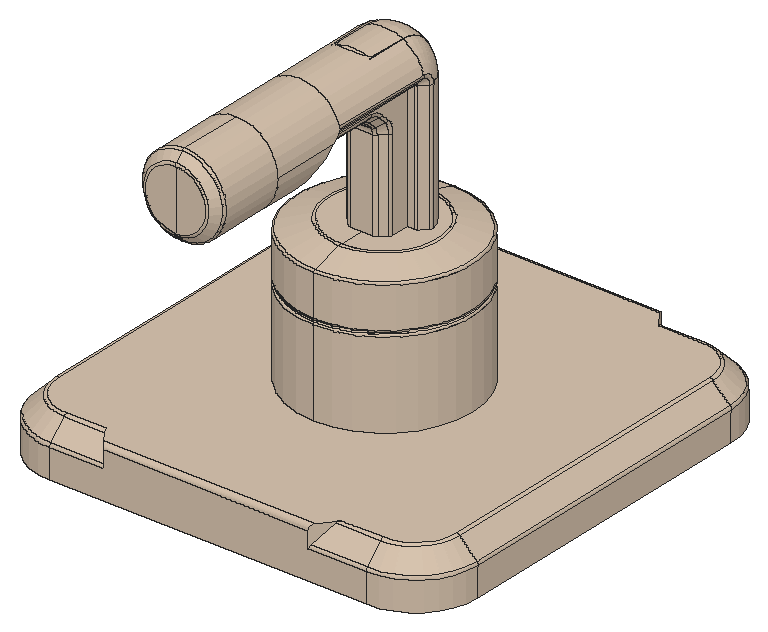
Revit family "Shower-Valve_Trim-KALLISTA-Vice-P34590", category Specialty Equipment, host Face, Revit 2021
Family settings
  Host = Face
  Round Connector Dimension = Use Diameter
  Part Type = Normal
  OmniClass Number = 23.31.25.00
  OmniClass Title = Toilet and Bath Specialties
  Cut with Voids When Loaded = No
  Shared = No
  Room Calculation Point = No
Parameters (values of type "Bruhsed French Gold, AF-French Gold")
  Width = 5.31496"  # constant formula
  WaterSense Certified = 1 = 0  # no
  URL = "https://www.kallista.com/"
  Type = 1
  Secondary Finish = Kallista-Metal-BAF-Brushed_French_Gold
  Product Page URL = ""
  Product Name = "Vice"  # constant formula
  Product Documentation Link = ""
  Model = if(Type = 1, "P34590-BAF-AF", if(Type = 2, "P34590-BN-BGP", if(Type = 3, "P34590-BN-SN", if(Type = 4, "P34590-BV-CP", if(Type = 5, "P34590-CP-CP", "NA")))))  # "P34590-BAF-AF"
  Material = "Premium Metal Construction"  # constant formula
  Master Format 2014 Name = "Toilet, Bath, and Laundry Accessories"  # constant formula
  Master Format 2014 = "10 28 00"  # constant formula
  Manufacturer Address = "444 Highland Dr, Kohler, WI 53044"  # constant formula
  Manufacturer = "Kallista Co."  # constant formula
  Length = 4.40945"  # constant formula
  Height = 5.31496"  # constant formula
  Handle Clearance = 3.14961"  # constant formula
  Finish = Kallista-Metal-AF-French_Gold
  Environmental Product Declaration = ""
  Drain Included = 1 = 0  # no
  Description = "Thermostatic C Trim"  # constant formula
  Default Elevation = 42"
  Declare Label = ""
  Date Modified = "05/27/2024"  # constant formula
  Date Created = "05/27/2024"  # constant formula
  Copyright = "Copyright Kallista Co."  # constant formula
  Contact Us = "https://www.kallista.com/corporate/contact-us/"
  Assembly Code = "C1030200"
  ADA Compliant = 1 = 0  # no
Reference planes (in)
  plane 1 "Center (Front/Back)": y = 0
  plane 2: z = 0
  plane 3 "Center (Left/Right)": x = 0
  plane 4: y = 2.6574803
  plane 5: y = -2.6574803
  plane 6: y = -3.1496063
  plane 7: y = -1.0629921
  plane 8: y = 1.0629921
  plane 9: x = -2.6574803
  plane 10: x = -1.0747303
  plane 11: x = 1.0616491
  plane 12: x = 2.6574803
  plane 13: z = 4.4094488
  plane 14: z = 0.6102362
Dimensions and locks (in)
  "Height": plane 4 to plane 5
  "Width": plane 9 to plane 12
  plane 10 to plane 11 = 2.13638"
  "Handle Clearance": plane 1 "Center (Front/Back)" to plane 6
  plane 14 to level = 0.61024"
  "Length": plane 13 to level
  aligned and locked: plane 2 to host face
  aligned and locked: level to host face
  aligned and locked: plane 3 "Center (Left/Right)" to nested 1
  aligned and locked: plane 1 "Center (Front/Back)" to nested 1
Automatic sketch dimensions
  host sketch curve to host sketch curve = 96"  (x2)
Nested families (in)
  nested 1: "P34590" at (0, 0, 0), type "P34590"
Definition of nested family "P34590"
  Parameters
    Secondary Finish = none
    Material = none
    Default Elevation = 0"
  Reference planes (in)
    plane 1 "Center (Front/Back)": y = 0
    plane 2: z = 0
    plane 3 "Center (Left/Right)": x = 0
    plane 4: y = -3.1496063
    plane 5: y = 2.6574803
    plane 6: x = -2.6574803
    plane 7: x = 2.6574803
    plane 8: y = -3.1496063
    plane 9: z = 4.4094488
    plane 10: z = 0.6102362
    plane 11: x = -1.0747303
    plane 12: x = 1.0616491
  Forms (in)
    Sweep 1, solid, material <- "Material"
      path origin (0, 0, 0) x (1, 0, 0) y (0, 1, 0)
        loop
          line (1.9094488, 2.6574803) -> (-1.9094488, 2.6574803)
          arc (-1.9094488, 2.6574803) -> (-2.438387, 2.438387) -> (-2.6574803, 1.9094488) r 0.7480315
          line (-2.6574803, 1.9094488) -> (-2.6574803, -1.9094488)
          arc (-2.6574803, -1.9094488) -> (-2.438387, -2.438387) -> (-1.9094488, -2.6574803) r 0.7480315
          line (-1.9094488, -2.6574803) -> (1.9094488, -2.6574803)
          arc (1.9094488, -2.6574803) -> (2.438387, -2.438387) -> (2.6574803, -1.9094488) r 0.7480315
          line (2.6574803, -1.9094488) -> (2.6574803, 1.9094488)
          arc (2.6574803, 1.9094488) -> (2.438387, 2.438387) -> (1.9094488, 2.6574803) r 0.7480315
      profile origin (2.6574803, 0, 0) x (1, 0, 0) y (0, 0, 1)
        loop
          arc (0, 0.3496545) -> (-0.0044953, 0.3722539) -> (-0.0172968, 0.3914128) r 0.0590551
          line (-0.0172968, 0.3914128) -> (-0.2188234, 0.5929394)
          arc (-0.2188234, 0.5929394) -> (-0.2379823, 0.6057409) -> (-0.2605817, 0.6102362) r 0.0590551
          line (-0.2605817, 0.6102362) -> (-0.2916925, 0.6102362) -> (-0.2916925, 0) -> (0, 0) -> (0, 0.3496545)
    Extrusion 2, solid, material <- "Material"
      sketch origin (0, 0, 0) x (1, 0, 0) y (0, 1, 0)
        loop
          line (-1.9094488, -2.3657878) -> (1.9094488, -2.3657878)
          arc (1.9094488, -2.3657878) -> (2.2321292, -2.2321292) -> (2.3657878, -1.9094488) r 0.456339
          line (2.3657878, -1.9094488) -> (2.3657878, 1.9094488)
          arc (2.3657878, 1.9094488) -> (2.2321292, 2.2321292) -> (1.9094488, 2.3657878) r 0.456339
          line (1.9094488, 2.3657878) -> (-1.9094488, 2.3657878)
          arc (-1.9094488, 2.3657878) -> (-2.2321292, 2.2321292) -> (-2.3657878, 1.9094488) r 0.456339
          line (-2.3657878, 1.9094488) -> (-2.3657878, -1.9094488)
          arc (-2.3657878, -1.9094488) -> (-2.2321292, -2.2321292) -> (-1.9094488, -2.3657878) r 0.456339
      from 0 to 0.6102362
    Extrusion 3, solid, material <- "Material"
      sketch origin (0, 0, 0) x (0, 1, 0) y (0, 0, 1)
        loop
          line (-2.2242532, 0.6102362) -> (-2.5984252, 0.6102362)
          arc (-2.5984252, 0.6102362) -> (-2.6401835, 0.5929394) -> (-2.6574803, 0.5511811) r 0.0590551
          line (-2.6574803, 0.5511811) -> (-2.6574803, 0.1770092) -> (-2.2242532, 0.6102362)
        loop
          line (2.2242532, 0.6102362) -> (2.6574803, 0.1770092) -> (2.6574803, 0.5511811)
          arc (2.6574803, 0.5511811) -> (2.6401835, 0.5929394) -> (2.5984252, 0.6102362) r 0.0590551
          line (2.5984252, 0.6102362) -> (2.2242532, 0.6102362)
      from -1.4741199 to 1.4721614
    Revolve 4, solid, material <- "Material", detail levels medium+fine
      sketch origin (0, 0, 0) x (0, 1, 0) y (0, 0, 1)
        loop
          line (1.0616733, 0.6102362) -> (1.0616733, 1.6439008)
          arc (1.0616733, 1.6439008) -> (1.0559077, 1.6578202) -> (1.0419882, 1.6635858) r 0.019685
          line (1.0419882, 1.6635858) -> (0.7792446, 1.6635858)
          arc (0.7792446, 1.6635858) -> (0.7466441, 1.6715537) -> (0.7213943, 1.6936609) r 0.070676
          line (0.7213943, 1.6936609) -> (1.0402599, 1.6936609)
          arc (1.0402599, 1.6936609) -> (1.0541793, 1.6994265) -> (1.0599449, 1.713346) r 0.019685
          line (1.0599449, 1.713346) -> (1.0599449, 2.2044397)
          arc (1.0599449, 2.2044397) -> (1.0540895, 2.2220892) -> (1.0388455, 2.2327388) r 0.0295276
          line (1.0388455, 2.2327388) -> (0.6821783, 2.3389631)
          arc (0.6821783, 2.3389631) -> (0.6654769, 2.342647) -> (0.6484189, 2.3438835) r 0.1182738
          line (0.6484189, 2.3438835) -> (0, 2.3438835) -> (0, 0.6102362) -> (1.0616733, 0.6102362)
        axis (0, 2.3438835) -> (0, 0.6102362)
      angle from 0 to 360
    Revolve 5, solid, material <- "Material", detail levels coarse
      sketch origin (0, 0, 0) x (0, 1, 0) y (0, 0, 1)
        loop
          line (1.0616733, 0.6102362) -> (1.0616733, 2.3438835) -> (0, 2.3438835) -> (0, 0.6102362) -> (1.0616733, 0.6102362)
        axis (0, 2.3438835) -> (0, 0.6102362)
      angle from 0 to 360
    Extrusion 6, void
      sketch origin (0, 0, 0) x (1, 0, 0) y (0, 1, 0)
        loop
          line (-1.5615466, 2.237747) -> (-1.126425, 2.8366405) -> (-1.5615466, 2.8366405) -> (-1.5615466, 2.237747)
        loop
          line (1.5615466, 2.1700117) -> (1.5615466, 2.8366405) -> (1.0772124, 2.8366405) -> (1.5615466, 2.1700117)
        loop
          line (-1.5615466, -2.237747) -> (-1.5615466, -2.8366405) -> (-1.126425, -2.8366405) -> (-1.5615466, -2.237747)
        loop
          line (1.5615466, -2.1700117) -> (1.0772124, -2.8366405) -> (1.5615466, -2.8366405) -> (1.5615466, -2.1700117)
      from 0 to 9.8425197
    Sweep 7, solid, material <- "Secondary Finish"
      path origin (0, 0.0043201, 2.0030058) x (0, 1, 0) y (0, 0, 1)
        loop
          line (-0.3461387, 0.3099488) -> (-0.3461387, 1.4350759)
          arc (-0.3461387, 1.4350759) -> (-0.3549454, 1.4793499) -> (-0.3800246, 1.5168835) r 0.1156935
          line (-0.3800246, 1.5168835) -> (-0.4749555, 1.6118145)
          arc (-0.4749555, 1.6118145) -> (-0.5063675, 1.6328033) -> (-0.5434204, 1.6401736) r 0.096824
          line (-0.5434204, 1.6401736) -> (-1.7572149, 1.6401736)
      profile origin (0, -1.1459976, 3.6431794) x (0, 0, -1) y (1, 0, 0)
        loop
          line (-0.3487323, -0.2702972) -> (-0.1372689, -0.2702972)
          arc (-0.1372689, -0.2702972) -> (-0.1149775, -0.2659079) -> (-0.0960141, -0.2533954) r 0.0587993
          line (-0.0960141, -0.2533954) -> (-0.0170475, -0.1756399)
          arc (-0.0170475, -0.1756399) -> (-0.0044339, -0.1569972) -> (0, -0.1349292) r 0.0571338
          line (0, -0.1349292) -> (0, 0.1349292)
          arc (0, 0.1349292) -> (-0.0044339, 0.1569972) -> (-0.0170475, 0.1756399) r 0.0571338
          line (-0.0170475, 0.1756399) -> (-0.0960141, 0.2533954)
          arc (-0.0960141, 0.2533954) -> (-0.1149775, 0.2659079) -> (-0.1372689, 0.2702972) r 0.0587993
          line (-0.1372689, 0.2702972) -> (-0.3487323, 0.2702972) -> (-0.3487323, -0.2702972)
    Extrusion 8, solid, material <- "Secondary Finish"
      sketch origin (0, 0.0043201, 2.0030058) x (0, 1, 0) y (0, 0, 1)
        loop
          line (-0.2371042, 1.8496658) -> (-0.1423954, 1.754957)
          arc (-0.1423954, 1.754957) -> (-0.0433684, 1.6082137) -> (-0.0064463, 1.4350759) r 0.4644258
          line (-0.0064463, 1.4350759) -> (0.0794466, 1.4350759) -> (0.0794466, 2.0485546) -> (-0.5434204, 2.0485546) -> (-0.5434204, 1.9800805)
          arc (-0.5434204, 1.9800805) -> (-0.3776239, 1.9445582) -> (-0.2371042, 1.8496658) r 0.4455563
      from -0.2702972 to 0.2702972
    Sweep 9, solid, material <- "Material"
      path origin (0, 0.0043201, 2.0030058) x (0, 1, 0) y (0, 0, 1)
        loop
          line (0.4996935, 0.2578315) -> (0.4996935, 1.8961777)
          arc (0.4996935, 1.8961777) -> (0.3497875, 2.2580828) -> (-0.0121175, 2.4079887) r 0.511811
          line (-0.0121175, 2.4079887) -> (-1.3900703, 2.4079887)
      profile origin (0, 0.5040135, 3.0800104) x (0, -1, 0) y (1, 0, 0)
        loop
          arc (0.3604976, 0.4803105) -> (-0.0002352, -0.0022849) -> (0.3650768, -0.4814233) r 0.5
          arc (0.3650768, -0.4814233) -> (0.3817261, -0.4817779) -> (0.396485, -0.4740643) r 0.0334666
          line (0.396485, -0.4740643) -> (0.4854986, -0.393916)
          arc (0.4854986, -0.393916) -> (0.495789, -0.3797526) -> (0.4994289, -0.3626281) r 0.0421021
          line (0.4994289, -0.3626281) -> (0.4994289, 0.3645356)
          arc (0.4994289, 0.3645356) -> (0.4959568, 0.3808704) -> (0.486141, 0.3943808) r 0.0401607
          line (0.486141, 0.3943808) -> (0.4010272, 0.4710176)
          arc (0.4010272, 0.4710176) -> (0.3819678, 0.4809211) -> (0.3604976, 0.4803105) r 0.0427684
    Extrusion 10, solid, material <- "Material"
      sketch origin (0, 0.0043201, 1.9228056) x (1, 0, 0) y (0, 0, 1)
        loop
          circle (0.0000958, 1.9884298) r 0.5
      from 1.2899998 to 2.2310347
    Revolve 11, solid, material <- "Material"
      sketch origin (0.0000958, 0.0043201, 1.9228056) x (0, 1, 0) y (0, 0, 1)
        loop
          line (-2.2310347, 1.9884298) -> (-2.2310347, 2.4884298) -> (-3.009974, 2.4884298)
          arc (-3.009974, 2.4884298) -> (-3.0294849, 2.4845489) -> (-3.0460255, 2.4734968) r 0.0509846
          line (-3.0460255, 2.4734968) -> (-3.137682, 2.3818403)
          arc (-3.137682, 2.3818403) -> (-3.1465748, 2.3685313) -> (-3.1496975, 2.3528324) r 0.0410234
          line (-3.1496975, 2.3528324) -> (-3.1496975, 1.9884298) -> (-2.2310347, 1.9884298)
        axis (-2.2310347, 1.9884298) -> (-3.1496975, 1.9884298)
      angle from 0 to 360
    Extrusion 12, void
      sketch origin (0, 0.0043201, 2.0030058) x (0, 1, 0) y (0, 0, 1)
        loop
          line (-1.2887951, 2.0208085) -> (-1.9113947, 1.3982089) -> (-1.0686404, 1.3982089) -> (-1.0686404, 2.0208085) -> (-1.2887951, 2.0208085)
      from -0.9783288 to 0.7539329
    Sweep 13, solid, material <- "Secondary Finish"
      path origin (0, 0.0043201, 2.0030058) x (0, 1, 0) y (0, 0, 1)
        loop
          arc (-0.5884058, 2.350027) -> (-0.5522398, 2.3875507) -> (-0.5019841, 2.401348) r 0.0984252
          line (-0.5019841, 2.401348) -> (-0.0040528, 2.401348)
          arc (-0.0040528, 2.401348) -> (0.3463184, 2.2562195) -> (0.4914469, 1.9058483) r 0.4954997
          line (0.4914469, 1.9058483) -> (0.4914469, 1.3860888)
          arc (0.4914469, 1.3860888) -> (0.4749128, 1.3314869) -> (0.4308655, 1.2952298) r 0.0984252
      profile origin (0, -0.2486984, 4.4043538) x (0, 0, 1) y (1, 0, 0)
        loop
          line (-0.053284, 0.2248634) -> (-0.090786, 0.2248634) -> (-0.090786, -0.2234845) -> (-0.0555997, -0.2234845)
          arc (-0.0555997, -0.2234845) -> (0.0000023, 0.0004083) -> (-0.053284, 0.2248634) r 0.4887473
    Sweep 14, void
      path origin (0, 0.0043455, 2.0024819) x (0, 1, 0) y (0, 0, 1)
        loop
          arc (-0.6017786, 2.4379943) -> (-0.499571, 2.3671008) -> (-0.3777161, 2.3421275) r 0.3097756
          line (-0.3777161, 2.3421275) -> (-0.0055771, 2.3421275)
          arc (-0.0055771, 2.3421275) -> (0.3038499, 2.2139586) -> (0.4320187, 1.9045317) r 0.4375958
          line (0.4320187, 1.9045317) -> (0.4320187, 1.5355383)
          arc (0.4320187, 1.5355383) -> (0.454117, 1.4137003) -> (0.5175966, 1.3073838) r 0.346924
      profile origin (0, -0.1873011, 4.3446093) x (0, 0, 1) y (1, 0, 0)
        loop
          line (0, 0.2248634) -> (0, -0.2234845) -> (0.0754306, -0.2234845) -> (0.0754306, 0.2248634) -> (0, 0.2248634)
    Extrusion 15, void
      sketch origin (0, 0.0043201, 2.0030058) x (0, 1, 0) y (0, 0, 1)
        loop
          line (-1.1196833, 2.1899204) -> (-2.0677234, 2.1899204) -> (-2.0677234, 1.2418803) -> (-1.1196833, 2.1899204)
      from -0.7719112 to 0.7665182
  Cuts and joins
    Extrusion 6 cuts Extrusion 3
    joined: Sweep 1, Extrusion 2, Extrusion 3
    Sweep 14 cuts Sweep 9
    Extrusion 12, Sweep 14 cuts Extrusion 10
    Sweep 14 cuts Revolve 11
    joined: Sweep 9, Extrusion 10, Revolve 11
    Extrusion 15 cuts Sweep 7
    joined: Sweep 7, Extrusion 8
  Lines and regions (in)
    Masking region 1
      outline origin (0, 0, 0) x (0, 1, 0) y (0, 0, 1)
        loop
          line (2.6574803, 0) -> (2.6574803, 0.5511811)
          arc (2.6574803, 0.5511811) -> (2.6401835, 0.5929394) -> (2.5984252, 0.6102362) r 0.0590551
          line (2.5984252, 0.6102362) -> (1.0616733, 0.6102362) -> (1.0616733, 1.6439008)
          arc (1.0616733, 1.6439008) -> (1.0559077, 1.6578202) -> (1.0419882, 1.6635858) r 0.019685
          line (1.0419882, 1.6635858) -> (0.7792446, 1.6635858)
          arc (0.7792446, 1.6635858) -> (0.7466441, 1.6715537) -> (0.7213943, 1.6936609) r 0.070676
          line (0.7213943, 1.6936609) -> (1.0402599, 1.6936609)
          arc (1.0402599, 1.6936609) -> (1.0541793, 1.6994265) -> (1.0599449, 1.713346) r 0.019685
          line (1.0599449, 1.713346) -> (1.0599449, 2.2044397)
          arc (1.0599449, 2.2044397) -> (1.0540895, 2.2220892) -> (1.0388455, 2.2327388) r 0.0295276
          line (1.0388455, 2.2327388) -> (0.6821783, 2.3389631)
          arc (0.6821783, 2.3389631) -> (0.6654769, 2.342647) -> (0.6484189, 2.3438835) r 0.1182738
          line (0.6484189, 2.3438835) -> (0.481039, 2.3438835)
          arc (0.481039, 2.3438835) -> (0.4946426, 2.3521416) -> (0.4999758, 2.3671353) r 0.0237434
          line (0.4999758, 2.3671353) -> (0.4999758, 3.9173228)
          arc (0.4999758, 3.9173228) -> (0.3558354, 4.2653085) -> (0.0078498, 4.4094488) r 0.492126
          line (0.0078498, 4.4094488) -> (-3.0168501, 4.4094488)
          arc (-3.0168501, 4.4094488) -> (-3.0394495, 4.4049535) -> (-3.0586084, 4.392152) r 0.0590551
          line (-3.0586084, 4.392152) -> (-3.1380751, 4.3126853)
          arc (-3.1380751, 4.3126853) -> (-3.1466094, 4.2999127) -> (-3.1496063, 4.2848465) r 0.0393701
          line (-3.1496063, 4.2848465) -> (-3.1496063, 3.5530636)
          arc (-3.1496063, 3.5530636) -> (-3.1466094, 3.5379973) -> (-3.1380751, 3.5252247) r 0.0393701
          line (-3.1380751, 3.5252247) -> (-3.0493591, 3.4365088)
          arc (-3.0493591, 3.4365088) -> (-3.0302002, 3.4237072) -> (-3.0076008, 3.4192119) r 0.0590551
          line (-3.0076008, 3.4192119) -> (-1.8975416, 3.4192119)
          arc (-1.8975416, 3.4192119) -> (-1.8787087, 3.422958) -> (-1.862743, 3.4336259) r 0.0492126
          line (-1.862743, 3.4336259) -> (-1.7254108, 3.5709582) -> (-0.5451282, 3.5709582)
          arc (-0.5451282, 3.5709582) -> (-0.5074625, 3.563466) -> (-0.4755311, 3.5421301) r 0.0984252
          line (-0.4755311, 3.5421301) -> (-0.3761633, 3.4427623)
          arc (-0.3761633, 3.4427623) -> (-0.3548274, 3.4108309) -> (-0.3473352, 3.3731652) r 0.0984252
          line (-0.3473352, 3.3731652) -> (-0.3473352, 2.3671353)
          arc (-0.3473352, 2.3671353) -> (-0.342002, 2.3521416) -> (-0.3283984, 2.3438835) r 0.0237434
          line (-0.3283984, 2.3438835) -> (-0.6484189, 2.3438835)
          arc (-0.6484189, 2.3438835) -> (-0.6654769, 2.342647) -> (-0.6821783, 2.3389631) r 0.1182738
          line (-0.6821783, 2.3389631) -> (-1.0388455, 2.2327388)
          arc (-1.0388455, 2.2327388) -> (-1.0540895, 2.2220892) -> (-1.0599449, 2.2044397) r 0.0295276
          line (-1.0599449, 2.2044397) -> (-1.0599449, 1.713346)
          arc (-1.0599449, 1.713346) -> (-1.0541793, 1.6994265) -> (-1.0402599, 1.6936609) r 0.019685
          line (-1.0402599, 1.6936609) -> (-0.7213943, 1.6936609)
          arc (-0.7213943, 1.6936609) -> (-0.7466441, 1.6715537) -> (-0.7792446, 1.6635858) r 0.070676
          line (-0.7792446, 1.6635858) -> (-1.0419882, 1.6635858)
          arc (-1.0419882, 1.6635858) -> (-1.0559077, 1.6578202) -> (-1.0616733, 1.6439008) r 0.019685
          line (-1.0616733, 1.6439008) -> (-1.0616733, 0.6102362) -> (-3.0905512, 0.6102362)
          arc (-3.0905512, 0.6102362) -> (-3.1323095, 0.5929394) -> (-3.1496063, 0.5511811) r 0.0590551
          line (-3.1496063, 0.5511811) -> (-3.1496063, 0) -> (2.6574803, 0)
    Masking region 2
      outline origin (0, 0, 0) x (1, 0, 0) y (0, 1, 0)
        loop
          arc (-1.8700787, 2.6574803) -> (-2.4268557, 2.4268557) -> (-2.6574803, 1.8700787) r 0.7874016
          line (-2.6574803, 1.8700787) -> (-2.6574803, -1.8700787)
          arc (-2.6574803, -1.8700787) -> (-2.4268557, -2.4268557) -> (-1.8700787, -2.6574803) r 0.7874016
          line (-1.8700787, -2.6574803) -> (-0.4998155, -2.6574803) -> (-0.4998155, -3.0152561)
          arc (-0.4998155, -3.0152561) -> (-0.4968186, -3.0303224) -> (-0.4882842, -3.0430949) r 0.0393701
          line (-0.4882842, -3.0430949) -> (-0.3933041, -3.1380751)
          arc (-0.3933041, -3.1380751) -> (-0.3805315, -3.1466094) -> (-0.3654652, -3.1496063) r 0.0393701
          line (-0.3654652, -3.1496063) -> (0, -3.1496063) -> (0.3654652, -3.1496063)
          arc (0.3654652, -3.1496063) -> (0.3805315, -3.1466094) -> (0.3933041, -3.1380751) r 0.0393701
          line (0.3933041, -3.1380751) -> (0.4882842, -3.0430949)
          arc (0.4882842, -3.0430949) -> (0.4968186, -3.0303224) -> (0.4998155, -3.0152561) r 0.0393701
          line (0.4998155, -3.0152561) -> (0.4998155, -2.6574803) -> (1.8700787, -2.6574803)
          arc (1.8700787, -2.6574803) -> (2.4268557, -2.4268557) -> (2.6574803, -1.8700787) r 0.7874016
          line (2.6574803, -1.8700787) -> (2.6574803, 1.8700787)
          arc (2.6574803, 1.8700787) -> (2.4268557, 2.4268557) -> (1.8700787, 2.6574803) r 0.7874016
          line (1.8700787, 2.6574803) -> (0, 2.6574803) -> (-1.8700787, 2.6574803)
    Masking region 3
      outline origin (0, 0, 0) x (1, 0, 0) y (0, 0, 1)
        loop
          arc (0.2558426, 4.3376338) -> (0.3988688, 4.2078425) -> (0.4820411, 4.0335306) r 0.5000575
          arc (0.4820411, 4.0335306) -> (0.4976935, 3.9093969) -> (0.4820411, 3.7852632) r 0.5000575
          line (0.4820411, 3.7852632) -> (0.4820411, 2.3662084)
          arc (0.4820411, 2.3662084) -> (0.4759302, 2.3508994) -> (0.460957, 2.3440066) r 0.0222314
          line (0.460957, 2.3440066) -> (0.6488597, 2.3440066)
          arc (0.6488597, 2.3440066) -> (0.668935, 2.342544) -> (0.6885863, 2.338187) r 0.1385043
          line (0.6885863, 2.338187) -> (1.0335714, 2.2348965)
          arc (1.0335714, 2.2348965) -> (1.053859, 2.2206905) -> (1.0616491, 2.1971807) r 0.0393701
          line (1.0616491, 2.1971807) -> (1.0616491, 1.7129923)
          arc (1.0616491, 1.7129923) -> (1.0558835, 1.6990729) -> (1.0419641, 1.6933073) r 0.019685
          line (1.0419641, 1.6933073) -> (0.7200009, 1.6933073)
          arc (0.7200009, 1.6933073) -> (0.7487466, 1.6712666) -> (0.784112, 1.6634308) r 0.0837255
          line (0.784112, 1.6634308) -> (1.0419641, 1.6634308)
          arc (1.0419641, 1.6634308) -> (1.0558835, 1.6576652) -> (1.0616491, 1.6437458) r 0.019685
          line (1.0616491, 1.6437458) -> (1.0616491, 0.6102362) -> (2.3968986, 0.6102362)
          arc (2.3968986, 0.6102362) -> (2.419498, 0.6057409) -> (2.4386569, 0.5929394) r 0.0590551
          line (2.4386569, 0.5929394) -> (2.6401835, 0.3914128)
          arc (2.6401835, 0.3914128) -> (2.652985, 0.3722539) -> (2.6574803, 0.3496545) r 0.0590551
          line (2.6574803, 0.3496545) -> (2.6574803, 0) -> (-2.6574803, 0) -> (-2.6574803, 0.3496545)
          arc (-2.6574803, 0.3496545) -> (-2.652985, 0.3722539) -> (-2.6401835, 0.3914128) r 0.0590551
          line (-2.6401835, 0.3914128) -> (-2.4386569, 0.5929394)
          arc (-2.4386569, 0.5929394) -> (-2.419498, 0.6057409) -> (-2.3968986, 0.6102362) r 0.0590551
          line (-2.3968986, 0.6102362) -> (-1.0747303, 0.6102362) -> (-1.0747303, 1.6437458)
          arc (-1.0747303, 1.6437458) -> (-1.0689647, 1.6576652) -> (-1.0550452, 1.6634308) r 0.019685
          line (-1.0550452, 1.6634308) -> (-0.784112, 1.6634308)
          arc (-0.784112, 1.6634308) -> (-0.7487466, 1.6712666) -> (-0.7200009, 1.6933073) r 0.0837255
          line (-0.7200009, 1.6933073) -> (-1.0550452, 1.6933073)
          arc (-1.0550452, 1.6933073) -> (-1.0689647, 1.6990729) -> (-1.0747303, 1.7129923) r 0.019685
          line (-1.0747303, 1.7129923) -> (-1.0747303, 2.1932641)
          arc (-1.0747303, 2.1932641) -> (-1.0669401, 2.2167739) -> (-1.0466526, 2.23098) r 0.0393701
          line (-1.0466526, 2.23098) -> (-0.6885863, 2.338187)
          arc (-0.6885863, 2.338187) -> (-0.668935, 2.342544) -> (-0.6488597, 2.3440066) r 0.1385043
          line (-0.6488597, 2.3440066) -> (-0.460957, 2.3440066)
          arc (-0.460957, 2.3440066) -> (-0.4759302, 2.3508994) -> (-0.4820411, 2.3662084) r 0.0222314
          line (-0.4820411, 2.3662084) -> (-0.4820411, 3.7852632)
          arc (-0.4820411, 3.7852632) -> (-0.4976935, 3.9093969) -> (-0.4820411, 4.0335306) r 0.5000575
          arc (-0.4820411, 4.0335306) -> (-0.3051497, 4.3037227) -> (0, 4.4094488) r 0.5000575
          arc (0, 4.4094488) -> (0.1150251, 4.3954805) -> (0.2237475, 4.3554139) r 0.5000575
          arc (0.2237475, 4.3554139) -> (0.2420234, 4.3456678) -> (0.2598801, 4.3351733) r 0.5000575
    symbolic lines, detail levels medium+fine
      curve 1: line (0, 2.6574803, 0.3738595) -> (0, 2.4211036, 0.6102362)
      curve 2: line (0, 2.6574803, 0.3738595) -> (0, 0, 0.3738595)
      curve 3: line (0, -3.1496063, 0.3738595) -> (0, -2.9132296, 0.6102362)
      curve 4: line (0, -3.1496063, 0.3738595) -> (0, 0, 0.3738595)
      curve 5: line (0, 1.0616733, 0.6102362) -> (0, -1.0616733, 0.6102362)
      curve 6: line (0, 1.0616733, 1.6439008) -> (0, -1.0616733, 1.6439008)
      curve 7: line (0, 0.7792446, 1.6635858) -> (0, -0.7792446, 1.6635858)
      curve 8: line (0, -0.7213943, 1.6936609) -> (0, 0.7213943, 1.6936609)
      curve 9: line (0, 1.0599449, 2.2044397) -> (0, -1.0599449, 2.2044397)
      curve 10: line (0, 1.0388455, 2.2327388) -> (0, -1.0388455, 2.2327388)
      curve 11: line (0, 0.481039, 2.3438835) -> (0, -0.3283984, 2.3438835)
      curve 12: line (0, 0.4999758, 2.3671353) -> (0, -0.3473352, 2.3671353)
      curve 13: line (0, 0, 2.3438835) -> (0, 0, 3.8022245)
      curve 14: line (0, -0.1181102, 3.9203348) -> (0, -1.3266135, 3.9203348)
      curve 15: arc (0, 0, 3.8022245) -> (0, -0.0345937, 3.8857411) -> (0, -0.1181102, 3.9203348) r 0.1181102
      curve 16: line (0, 0.1099641, 2.3438835) -> (0, 0.1099641, 3.9255465)
      curve 17: line (0, 0.0115389, 4.0239717) -> (0, -1.207608, 4.0239717)
      curve 18: line (0, -1.7254108, 3.5709582) -> (0, -1.4109798, 3.8853891)
      curve 19: arc (0, -1.3266135, 3.9203348) -> (0, -1.3722723, 3.9112527) -> (0, -1.4109798, 3.8853891) r 0.119312
      curve 20: line (0, -1.4109798, 3.8853891) -> (0, -1.3182103, 3.9781587)
      curve 21: arc (0, -1.207608, 4.0239717) -> (0, -1.2674655, 4.0120653) -> (0, -1.3182103, 3.9781587) r 0.1564153
      curve 22: arc (0, 0.1099641, 3.9255465) -> (0, 0.081136, 3.9951436) -> (0, 0.0115389, 4.0239717) r 0.0984252
      curve 23: line (0, -0.2379087, 2.3438835) -> (0, -0.2379087, 3.3917825)
      curve 24: line (0, -0.2875697, 3.5116747) -> (0, -0.4252447, 3.6493497)
      curve 25: line (0, -1.6188445, 3.6775244) -> (0, -0.4932646, 3.6775244)
      curve 26: arc (0, -0.4932646, 3.6775244) -> (0, -0.4564525, 3.670202) -> (0, -0.4252447, 3.6493497) r 0.0961947
      curve 27: arc (0, -0.2379087, 3.3917825) -> (0, -0.2508152, 3.4566677) -> (0, -0.2875697, 3.5116747) r 0.1695532
      curve 28: line (0, -0.3844221, 4.3483273) -> (0, -0.0032681, 4.3483273)
      curve 29: line (0, 0.4298027, 3.9152564) -> (0, 0.4298027, 3.526634)
      curve 30: arc (0, -0.0032681, 4.3483273) -> (0, 0.3029592, 4.2214837) -> (0, 0.4298027, 3.9152564) r 0.4330709
      curve 31: arc (0, -0.5567967, 4.4094488) -> (0, -0.4758672, 4.3640599) -> (0, -0.3844221, 4.3483273) r 0.2736257
      curve 32: arc (0, 0.4298027, 3.526634) -> (0, 0.4479669, 3.4300826) -> (0, 0.4999758, 3.3467328) r 0.2656909
      curve 33: line (0, -3.0493591, 3.4365088) -> (0, -3.0586084, 4.392152)
      curve 34: line (0, -3.0168501, 4.4094488) -> (0, -3.0076008, 3.4192119)
      curve 35: line (0, -3.1380751, 3.5252247) -> (0, -3.1380751, 4.3126853)
      curve 36: line (-0.4998155, -2.6574803, 0) -> (-0.4998155, -1.3845595, 0)
      curve 37: line (-0.4825003, -1.2275643, 0) -> (-0.4825003, -0.9478021, 0)
      curve 38: arc (-0.4998155, -1.3845595, 0) -> (-0.4954736, -1.3055859, 0) -> (-0.4825003, -1.2275643, 0) r 0.7203903
      curve 39: arc (-0.4825003, -0.9478021, 0) -> (-1.0455881, 0.254716, 0) -> (0, 1.0731677, 0) r 1.0660443
      curve 40: line (-0.4825003, -0.9478021, 0) -> (-0.4825003, 0.1067346, 0)
      curve 41: arc (0, 0.4963707, 0) -> (-0.1074741, 0.4855703, 0) -> (-0.2099235, 0.451344, 0) r 0.4869774
      curve 42: line (-0.2553165, 0.4273474, 0) -> (-0.2553165, -0.3914222, 0)
      curve 43: line (-0.2099235, 0.451344, 0) -> (-0.2099235, -0.3933321, 0)
      curve 44: arc (-0.2553165, 0.4273474, 0) -> (-0.4026817, 0.2909726, 0) -> (-0.4825003, 0.1067346, 0) r 0.4869774
      curve 45: arc (-0.2099235, 0.451344, 0) -> (-0.2329365, 0.4399444, 0) -> (-0.2553165, 0.4273474, 0) r 0.4869774
      curve 46: line (0, -0.5276047, 0) -> (-0.030748, -0.5276047, 0)
      curve 47: line (0, -0.578385, 0) -> (-0.0683537, -0.578385, 0)
      curve 48: arc (-0.030748, -0.5276047, 0) -> (-0.0668187, -0.5260245, 0) -> (-0.102613, -0.5212961, 0) r 0.4124808
      curve 49: arc (-0.2099235, -0.3933321, 0) -> (-0.1795452, -0.4768341, 0) -> (-0.102613, -0.5212961, 0) r 0.1299515
      curve 50: arc (-0.2553165, -0.3914222, 0) -> (-0.2005564, -0.5236248, 0) -> (-0.0683537, -0.578385, 0) r 0.1869628
      curve 51: line (0.4998155, -2.6574803, 0) -> (0.4998155, -1.3845595, 0)
      curve 52: line (0.4825003, -1.2275643, 0) -> (0.4825003, -0.9478021, 0)
      curve 53: arc (0.4998155, -1.3845595, 0) -> (0.4954736, -1.3055859, 0) -> (0.4825003, -1.2275643, 0) r 0.7203903
      curve 54: arc (0.4825003, -0.9478021, 0) -> (1.0455881, 0.254716, 0) -> (0, 1.0731677, 0) r 1.0660443
      curve 55: line (0.4825003, -0.9478021, 0) -> (0.4825003, 0.1067346, 0)
      curve 56: arc (0, 0.4963707, 0) -> (0.1074741, 0.4855703, 0) -> (0.2099235, 0.451344, 0) r 0.4869774
      curve 57: line (0.2553165, 0.4273474, 0) -> (0.2553165, -0.3914222, 0)
      curve 58: line (0.2099235, 0.451344, 0) -> (0.2099235, -0.3933321, 0)
      curve 59: arc (0.2553165, 0.4273474, 0) -> (0.4026817, 0.2909726, 0) -> (0.4825003, 0.1067346, 0) r 0.4869774
      curve 60: arc (0.2099235, 0.451344, 0) -> (0.2329365, 0.4399444, 0) -> (0.2553165, 0.4273474, 0) r 0.4869774
      curve 61: line (0, -0.5276047, 0) -> (0.030748, -0.5276047, 0)
      curve 62: line (0, -0.578385, 0) -> (0.0683537, -0.578385, 0)
      curve 63: arc (0.030748, -0.5276047, 0) -> (0.0668187, -0.5260245, 0) -> (0.102613, -0.5212961, 0) r 0.4124808
      curve 64: arc (0.2099235, -0.3933321, 0) -> (0.1795452, -0.4768341, 0) -> (0.102613, -0.5212961, 0) r 0.1299515
      curve 65: arc (0.2553165, -0.3914222, 0) -> (0.2005564, -0.5236248, 0) -> (0.0683537, -0.578385, 0) r 0.1869628
      curve 66: arc (-0.4825003, -0.4205337, 0) -> (0, 0.6499593, 0) -> (0.4825003, -0.4205337, 0) r 0.6439846
      curve 67: arc (-0.4825003, -0.489789, 0) -> (0, 0.6930996, 0) -> (0.4825003, -0.489789, 0) r 0.6898502
      curve 68: line (-0.4998155, -3.0152561, 0) -> (0.4998155, -3.0152561, 0)
      curve 69: line (-0.4882842, -3.0430949, 0) -> (0.4882842, -3.0430949, 0)
      curve 70: line (-0.3933041, -3.1380751, 0) -> (0.3933041, -3.1380751, 0)
      curve 71: line (-1.3356102, -2.59806, 0) -> (-0.4998155, -2.59806, 0)
      curve 72: line (0.4998155, -2.59806, 0) -> (1.3356102, -2.59806, 0)
      curve 73: line (-1.3356102, -2.59806, 0) -> (-1.4155084, -2.4839535, 0)
      curve 74: line (-1.9281638, -2.4000118, 0) -> (-1.5767588, -2.4000118, 0)
      curve 75: arc (-1.5767588, -2.4000118, 0) -> (-1.4858634, -2.4222538, 0) -> (-1.4155084, -2.4839535, 0) r 0.1968504
      curve 76: line (-2.4006048, -1.9275709, 0) -> (-2.4006048, 0, 0)
      curve 77: arc (-1.9281638, -2.4000118, 0) -> (-2.26223, -2.2616371, 0) -> (-2.4006048, -1.9275709, 0) r 0.4724409
      curve 78: line (-1.3356102, -2.59806, 0) -> (-1.3356102, -2.6574803, 0)
      curve 79: line (-1.8700787, -2.6574803, 0) -> (-1.8700787, -2.4000118, 0)
      curve 80: line (-2.6574803, -1.8700787, 0) -> (-2.4006048, -1.8700787, 0)
      curve 81: line (1.3356102, -2.59806, 0) -> (0.4998155, -2.59806, 0)
      curve 82: line (1.3356102, -2.59806, 0) -> (1.4155084, -2.4839535, 0)
      curve 83: line (1.9281638, -2.4000118, 0) -> (1.5767588, -2.4000118, 0)
      curve 84: arc (1.5767588, -2.4000118, 0) -> (1.4858634, -2.4222538, 0) -> (1.4155084, -2.4839535, 0) r 0.1968504
      curve 85: line (2.4006048, -1.9275709, 0) -> (2.4006048, 0, 0)
      curve 86: arc (1.9281638, -2.4000118, 0) -> (2.26223, -2.2616371, 0) -> (2.4006048, -1.9275709, 0) r 0.4724409
      curve 87: line (1.3356102, -2.59806, 0) -> (1.3356102, -2.6574803, 0)
      curve 88: line (1.8700787, -2.6574803, 0) -> (1.8700787, -2.4000118, 0)
      curve 89: line (2.6574803, -1.8700787, 0) -> (2.4006048, -1.8700787, 0)
      curve 90: line (-1.3356102, 2.59806, 0) -> (0, 2.59806, 0)
      curve 91: line (-1.3356102, 2.59806, 0) -> (-1.4155084, 2.4839535, 0)
      curve 92: line (-1.9281638, 2.4000118, 0) -> (-1.5767588, 2.4000118, 0)
      curve 93: arc (-1.5767588, 2.4000118, 0) -> (-1.4858634, 2.4222538, 0) -> (-1.4155084, 2.4839535, 0) r 0.1968504
      curve 94: line (-2.4006048, 1.9275709, 0) -> (-2.4006048, 0, 0)
      curve 95: arc (-1.9281638, 2.4000118, 0) -> (-2.26223, 2.2616371, 0) -> (-2.4006048, 1.9275709, 0) r 0.4724409
      curve 96: line (-1.3356102, 2.59806, 0) -> (-1.3356102, 2.6574803, 0)
      curve 97: line (-1.8700787, 2.6574803, 0) -> (-1.8700787, 2.4000118, 0)
      curve 98: line (-2.6574803, 1.8700787, 0) -> (-2.4006048, 1.8700787, 0)
      curve 99: line (1.3356102, 2.59806, 0) -> (0, 2.59806, 0)
      curve 100: line (1.3356102, 2.59806, 0) -> (1.4155084, 2.4839535, 0)
      curve 101: line (1.9281638, 2.4000118, 0) -> (1.5767588, 2.4000118, 0)
      curve 102: arc (1.5767588, 2.4000118, 0) -> (1.4858634, 2.4222538, 0) -> (1.4155084, 2.4839535, 0) r 0.1968504
      curve 103: line (2.4006048, 1.9275709, 0) -> (2.4006048, 0, 0)
      curve 104: arc (1.9281638, 2.4000118, 0) -> (2.26223, 2.2616371, 0) -> (2.4006048, 1.9275709, 0) r 0.4724409
      curve 105: line (1.3356102, 2.59806, 0) -> (1.3356102, 2.6574803, 0)
      curve 106: line (1.8700787, 2.6574803, 0) -> (1.8700787, 2.4000118, 0)
      curve 107: line (2.6574803, 1.8700787, 0) -> (2.4006048, 1.8700787, 0)
      curve 108: line (-0.460957, 0, 2.3440066) -> (0.460957, 0, 2.3440066)
      curve 109: line (-0.4820411, 0, 2.3662084) -> (0.4820411, 0, 2.3662084)
      curve 110: line (-1.0466526, 0, 2.23098) -> (1.0348601, 0, 2.2345107)
      curve 111: line (-1.0747303, 0, 2.1932641) -> (1.0629378, 0, 2.1967948)
      curve 112: line (-0.6885863, 0, 2.338187) -> (0.6885863, 0, 2.338187)
      curve 113: line (-1.0747303, 0, 1.7129923) -> (1.0629378, 0, 1.7129923)
      curve 114: line (-0.7200009, 0, 1.6933073) -> (0.7200009, 0, 1.6933073)
      curve 115: line (-0.784112, 0, 1.6634308) -> (0.784112, 0, 1.6634308)
      curve 116: line (-1.0747303, 0, 1.6437458) -> (1.0629684, 0, 1.6437458)
      curve 117: line (-1.0747303, 0, 0.6102362) -> (1.0629684, 0, 0.6102362)
      curve 118: line (-2.6574803, 0, 0.3496545) -> (-1.5783862, 0, 0.3496545)
      curve 119: line (-1.3351543, 0, 0.5506779) -> (-1.4171358, 0, 0.4335961)
      curve 120: arc (-1.5783862, 0, 0.3496545) -> (-1.4874908, 0, 0.3718965) -> (-1.4171358, 0, 0.4335961) r 0.1968504
      curve 121: line (-1.3351543, 0, 0.5506779) -> (0, 0, 0.5506779)
      curve 122: line (-2.6401835, 0, 0.3914128) -> (-1.564905, 0, 0.3914128)
      curve 123: line (-1.3707298, 0, 0.5761743) -> (-1.4629313, 0, 0.4444969)
      curve 124: arc (-1.564905, 0, 0.3914128) -> (-1.5074234, 0, 0.4054784) -> (-1.4629313, 0, 0.4444969) r 0.1244869
      curve 125: arc (-1.3175083, 0, 0.6102362) -> (-1.3474883, 0, 0.5984697) -> (-1.3707298, 0, 0.5761743) r 0.0829768
      curve 126: line (-1.5783862, 0, 0.3496545) -> (-1.5783862, 0, 0.6102362)
      curve 127: line (2.6574803, 0, 0.3496545) -> (1.5783862, 0, 0.3496545)
      curve 128: line (1.3351543, 0, 0.5506779) -> (1.4171358, 0, 0.4335961)
      curve 129: arc (1.5783862, 0, 0.3496545) -> (1.4874908, 0, 0.3718965) -> (1.4171358, 0, 0.4335961) r 0.1968504
      curve 130: line (1.3351543, 0, 0.5506779) -> (0, 0, 0.5506779)
      curve 131: line (2.6401835, 0, 0.3914128) -> (1.564905, 0, 0.3914128)
      curve 132: line (1.3707298, 0, 0.5761743) -> (1.4629313, 0, 0.4444969)
      curve 133: arc (1.564905, 0, 0.3914128) -> (1.5074234, 0, 0.4054784) -> (1.4629313, 0, 0.4444969) r 0.1244869
      curve 134: arc (1.3175083, 0, 0.6102362) -> (1.3474883, 0, 0.5984697) -> (1.3707298, 0, 0.5761743) r 0.0829768
      curve 135: line (1.5783862, 0, 0.3496545) -> (1.5783862, 0, 0.6102362)
      curve 136: line (0.4820411, 0, 3.7852632) -> (0.4820411, 0, 4.0335306)
      curve 137: line (-0.4820411, 0, 3.7852632) -> (-0.4820411, 0, 4.0335306)
      curve 138: line (0.2558426, 0, 4.3376338) -> (0.2558426, 0, 3.5129246)
      curve 139: line (0, 0, 3.3316072) -> (0.0745252, 0, 3.3316072)
      curve 140: line (0, 0, 3.3652019) -> (0.0653258, 0, 3.3652019)
      curve 141: line (0.2237475, 0, 3.5236236) -> (0.2237475, 0, 4.3554139)
      curve 142: arc (0.0653258, 0, 3.3652019) -> (0.1773468, 0, 3.4116026) -> (0.2237475, 0, 3.5236236) r 0.1584217
      curve 143: arc (0.0745252, 0, 3.3316072) -> (0.202736, 0, 3.3847138) -> (0.2558426, 0, 3.5129246) r 0.1813174
      curve 144: line (-0.2558426, 0, 4.3376338) -> (-0.2558426, 0, 3.5129246)
      curve 145: line (0, 0, 3.3316072) -> (-0.0745252, 0, 3.3316072)
      curve 146: line (0, 0, 3.3652019) -> (-0.0653258, 0, 3.3652019)
      curve 147: line (-0.2237475, 0, 3.5236236) -> (-0.2237475, 0, 4.3554139)
      curve 148: arc (-0.0653258, 0, 3.3652019) -> (-0.1773468, 0, 3.4116026) -> (-0.2237475, 0, 3.5236236) r 0.1584217
      curve 149: arc (-0.0745252, 0, 3.3316072) -> (-0.202736, 0, 3.3847138) -> (-0.2558426, 0, 3.5129246) r 0.1813174
  Dimensions and locks (in)
    plane 9 to level = 4.40945"
    aligned and locked: plane 2 to level
    aligned and locked: Masking region 1 sketch curve to plane 8
    aligned and locked: plane 5 to Masking region 1 sketch curve
    aligned and locked: plane 4 to Masking region 1 sketch curve
    aligned and locked: Masking region 1 sketch curve to level
    aligned and locked: Revolve 11 sketch curve to Revolve 11 sketch curve
    aligned and locked: Revolve 11 to Extrusion 10
  Automatic sketch dimensions
    curve 41 to curve 44 = 0"  (x2)
    curve 41 to curve 45 = 0"  (x2)
    curve 44 to curve 45 = 0"  (x2)
    curve 56 to curve 59 = 0"  (x2)
    curve 56 to curve 60 = 0"  (x2)
    curve 59 to curve 60 = 0"  (x2)
    curve 98 to plane 6 = 0"
    curve 80 to plane 6 = 0"
    plane 1 "Center (Front/Back)" to curve 76 = 0"
    plane 5 to curve 97 = 0"
    plane 5 to curve 96 = 0"
    curve 61 to plane 3 "Center (Left/Right)" = 0"
    curve 67 to plane 3 "Center (Left/Right)" = 0"
    curve 54 to plane 3 "Center (Left/Right)" = 0"
    curve 47 to plane 3 "Center (Left/Right)" = 0"
    curve 99 to plane 3 "Center (Left/Right)" = 0"
    curve 56 to plane 3 "Center (Left/Right)" = 0"
    curve 66 to plane 3 "Center (Left/Right)" = 0"
    plane 5 to curve 105 = 0"
    plane 5 to curve 106 = 0"
    plane 1 "Center (Front/Back)" to curve 103 = 0"
    curve 107 to plane 7 = 0"
    curve 89 to plane 7 = 0"
    plane 6 to curve 94 = 0.25688"
    curve 76 to curve 77 = 0.47244"
    curve 94 to curve 95 = 0.47244"
    curve 77 to curve 74 = 0.35141"
    curve 95 to curve 92 = 0.35141"
    curve 74 to curve 73 = 0.16125"
    plane 5 to curve 91 = 0.17353"
    curve 92 to curve 91 = 0.16125"
    plane 5 to curve 91 = 0.05942"
    curve 91 to curve 91 = 0.0799"
    curve 73 to curve 73 = 0.0799"
    curve 36 to plane 3 "Center (Left/Right)" = 0.49982"
    curve 36 to curve 37 = 0.01732"
    curve 66 to curve 42 = 0.22718"
    curve 53 to plane 3 "Center (Left/Right)" = 0.22057"
    curve 44 to curve 43 = 0.04539"
    curve 49 to plane 3 "Center (Left/Right)" = 0.07997"
    curve 47 to curve 47 = 0.06835"
    curve 46 to curve 46 = 0.03075"
    curve 39 to plane 3 "Center (Left/Right)" = 0.00869"
    curve 39 to curve 41 = 0.00334"
    plane 3 "Center (Left/Right)" to curve 56 = 0.00534"
    curve 56 to curve 54 = 0.00334"
    plane 3 "Center (Left/Right)" to curve 61 = 0.03075"
    curve 63 to curve 62 = 0.03761"
    curve 65 to curve 64 = 0.01162"
    plane 3 "Center (Left/Right)" to curve 58 = 0.20992"
    plane 3 "Center (Left/Right)" to curve 38 = 0.22057"
    curve 58 to curve 57 = 0.04539"
    curve 38 to curve 52 = 0.26193"
    curve 53 to curve 51 = 0.01732"
    curve 99 to plane 12 = 0.27396"
    curve 72 to plane 12 = 0.27396"
    curve 72 to curve 82 = 0.0799"
    plane 5 to curve 100 = 0.17353"
    curve 99 to curve 100 = 0.0799"
    curve 82 to curve 83 = 0.16125"
    plane 5 to curve 102 = 0.06062"
    curve 100 to curve 102 = 0.16125"
    curve 83 to curve 83 = 0.35141"
    curve 101 to curve 101 = 0.35141"
    curve 103 to plane 7 = 0.25688"
    plane 1 "Center (Front/Back)" to curve 63 = 0.11512"
    curve 48 to curve 63 = 0"
    curve 57 to curve 63 = 0.2763"
    curve 49 to curve 50 = 0.00191"
    curve 58 to curve 65 = 0.00191"
    curve 47 to curve 61 = 13/256"
    curve 55 to curve 65 = 0.36942"
    curve 37 to curve 47 = 0.36942"
    curve 37 to curve 40 = 0.27976"
    curve 52 to curve 54 = 0.27976"
    curve 85 to plane 4 = 1.22204"
    curve 76 to plane 4 = 1.22204"
    curve 73 to curve 74 = 0.08394"
    curve 82 to curve 83 = 0.08394"
    curve 87 to curve 84 = 0.11411"
    curve 71 to curve 73 = 0.11411"
    curve 67 to plane 1 "Center (Front/Back)" = 0.00325"
    curve 67 to curve 66 = 0.00273"
    curve 39 to plane 1 "Center (Front/Back)" = 0.00716"
    curve 54 to curve 59 = 0.00226"
    curve 39 to curve 44 = 0.00226"
    curve 40 to plane 1 "Center (Front/Back)" = 0.10673"
    curve 95 to curve 97 = 0.72991"
    curve 74 to curve 79 = 0.05809"
    curve 95 to curve 97 = 0.05809"
    curve 68 to plane 4 = 0.13435"
    curve 68 to curve 36 = 0"
    curve 68 to curve 69 = 0.01153"
    curve 70 to plane 4 = 0.01153"
    curve 69 to curve 70 = 0.09498"
    plane 3 "Center (Left/Right)" to curve 70 = 0.3933"
    curve 70 to curve 69 = 0.09498"
    curve 69 to curve 68 = 0.01153"
    curve 88 to curve 83 = 0.05809"
    curve 106 to curve 101 = 0.05809"
    curve 66 to curve 65 = 0.02911"
    curve 67 to curve 66 = 0.06926"
    curve 77 to curve 80 = 0.05749"
    curve 85 to curve 89 = 0.05749"
    curve 51 to curve 72 = 0.05942"
    curve 78 to curve 71 = 0.05942"
    curve 79 to curve 79 = 0.25747"
    curve 87 to curve 72 = 0.05942"
    curve 88 to curve 88 = 0.25747"
    curve 36 to curve 71 = 0.05942"
    curve 69 to curve 68 = 0.02784"
    curve 98 to curve 95 = 0.05749"
    curve 107 to curve 104 = 0.05749"
    curve 3 to plane 4 = 0"
    curve 34 to plane 9 = 0"
    curve 3 to plane 10 = 0"
    curve 5 to plane 10 = 0"
    curve 31 to plane 9 = 0"
    curve 2 to plane 1 "Center (Front/Back)" = 0"
    curve 15 to plane 1 "Center (Front/Back)" = 0"
    curve 1 to plane 10 = 0"
    curve 1 to plane 5 = 0"
    curve 18 to plane 9 = 0.52406"
    plane 1 "Center (Front/Back)" to curve 18 = 1.41098"
    curve 19 to curve 19 = 0.08437"  (x2)
    curve 20 to plane 9 = 0.43129"
    curve 14 to curve 20 = 0.0084"
    curve 19 to curve 21 = 0.11901"
    plane 1 "Center (Front/Back)" to curve 25 = 0.49326"
    curve 25 to curve 24 = 0.06802"
    curve 26 to curve 27 = 0.0858"
    plane 1 "Center (Front/Back)" to curve 31 = 0.38442"
    curve 27 to curve 24 = 0.11989"
    curve 24 to curve 23 = 0.04966"
    plane 1 "Center (Front/Back)" to curve 14 = 0.11811"
    plane 1 "Center (Front/Back)" to curve 30 = 0.00327"
    curve 17 to plane 1 "Center (Front/Back)" = 0.01154"
    curve 22 to curve 16 = 0.09843"
    curve 29 to plane 1 "Center (Front/Back)" = 0.4298"
    curve 29 to curve 32 = 0.26569"
    curve 1 to plane 10 = 0.23638"
    curve 27 to plane 9 = 1.01767"
    curve 32 to plane 9 = 113/128"
    curve 27 to curve 26 = 0.18955"
    curve 26 to curve 24 = 0.06802"
    curve 21 to curve 19 = 0.05278"
    curve 29 to curve 16 = 0.01029"
    plane 9 to curve 31 = 0.2125"
    curve 35 to plane 4 = 0.01153"
    curve 33 to plane 9 = 0.0173"
    curve 33 to plane 4 = 0.091"
    curve 33 to plane 4 = 0.10025"
    curve 33 to curve 34 = 0.04176"  (x2)
    curve 3 to plane 4 = 0.23638"
    curve 18 to curve 19 = 0.31443"
    curve 18 to curve 25 = 0.10657"
    plane 1 "Center (Front/Back)" to curve 6 = 1.06167"
    curve 5 to curve 6 = 0"  (x2)
    curve 6 to curve 9 = 0.00173"
    curve 9 to curve 10 = 0.0211"
    curve 6 to curve 7 = 0.28243"
    curve 7 to curve 8 = 0.05785"
    curve 12 to curve 23 = 0.10943"
    curve 12 to curve 11 = 0.01894"
    curve 16 to curve 11 = 95/256"
    curve 11 to curve 12 = 0.01894"
    curve 29 to curve 32 = 0.07017"
    curve 11 to curve 8 = 0.24036"
    curve 8 to curve 7 = 0.05785"
    curve 12 to curve 10 = 0.53887"
    curve 10 to curve 9 = 0.0211"
    curve 7 to curve 6 = 0.28243"
    plane 5 to curve 1 = 0.23638"
    curve 5 to curve 6 = 1.03366"
    curve 6 to curve 7 = 0.01969"
    curve 7 to curve 8 = 0.03008"
    curve 6 to curve 9 = 0.56054"
    curve 9 to curve 10 = 0.0283"
    curve 10 to curve 11 = 0.11114"
    curve 11 to curve 12 = 0.02325"
    curve 34 to curve 33 = 0.97294"
    curve 34 to curve 33 = 0.0173"
    curve 33 to curve 35 = 0.08872"
    curve 35 to plane 9 = 0.09676"
    curve 118 to plane 6 = 0"
    curve 126 to plane 10 = 0"
    curve 125 to plane 10 = 0"
    plane 11 to curve 116 = 0"
    plane 11 to curve 111 = 0"
    plane 11 to curve 113 = 0"
    curve 117 to plane 10 = 0"
    plane 11 to curve 117 = 0"
    curve 140 to plane 3 "Center (Left/Right)" = 0"
    curve 139 to plane 3 "Center (Left/Right)" = 0"
    curve 121 to plane 3 "Center (Left/Right)" = 0"
    curve 134 to plane 10 = 0"
    curve 135 to plane 10 = 0"
    curve 127 to plane 7 = 0"
    curve 120 to plane 10 = 0.06373"
    plane 11 to curve 120 = 0.50366"
    curve 120 to curve 124 = 0.01348"
    curve 123 to plane 10 = 0.16574"
    curve 122 to curve 123 = 0.10197"
    curve 123 to curve 119 = 0.0458"
    curve 123 to plane 10 = 0.03406"
    curve 119 to curve 123 = 0.04641"
    curve 123 to curve 121 = 0.03558"
    curve 119 to curve 125 = 0.0324"
    curve 144 to plane 3 "Center (Left/Right)" = 0.25584"
    curve 144 to curve 147 = 0.0321"
    curve 149 to plane 3 "Center (Left/Right)" = 0.07453"
    curve 149 to curve 148 = 0.0092"
    plane 3 "Center (Left/Right)" to curve 142 = 0.06533"
    curve 142 to curve 143 = 0.0092"
    curve 143 to curve 141 = 0.14922"
    curve 141 to curve 138 = 0.0321"
    curve 134 to plane 10 = 0.08166"
    curve 134 to plane 12 = 0.24111"
    curve 134 to curve 130 = 0.0324"
    curve 132 to plane 10 = 0.03406"
    curve 128 to curve 132 = 0.03558"
    curve 128 to plane 10 = 0.17664"
    curve 128 to curve 128 = 0.08198"
    curve 132 to plane 10 = 0.16574"
    curve 128 to curve 132 = 0.0458"
    curve 132 to curve 133 = 0.10197"
    curve 131 to curve 127 = 0.01348"
    curve 119 to curve 123 = 0.0109"
    curve 131 to curve 133 = 0.05308"
    curve 120 to curve 122 = 0.04176"
    curve 127 to curve 131 = 0.04176"
    curve 125 to plane 10 = 0.08166"
    curve 134 to curve 130 = 0.0221"
    curve 145 to plane 9 = 1.07784"
    curve 139 to curve 146 = 0.03359"
    plane 6 to curve 122 = 0.0173"
    curve 110 to plane 11 = 0.02808"
    curve 115 to plane 11 = 0.29062"
    curve 115 to curve 114 = 0.06411"
    curve 110 to curve 112 = 0.35807"
    curve 137 to curve 144 = 0.2262"
    curve 112 to curve 109 = 0.20655"
    curve 109 to curve 108 = 0.02108"
    plane 3 "Center (Left/Right)" to curve 108 = 59/128"
    curve 138 to curve 136 = 0.2262"
    curve 108 to curve 109 = 0.02108"
    curve 109 to curve 112 = 0.20655"
    plane 12 to curve 114 = 0.34165"
    curve 114 to curve 115 = 0.06411"
    plane 12 to curve 110 = 0.02679"
    curve 113 to plane 12 = 0.00129"
    curve 111 to plane 12 = 0.00129"
    curve 117 to plane 12 = 0.00132"
    curve 116 to plane 12 = 0.00132"
    curve 131 to plane 7 = 0.0173"
    curve 117 to curve 116 = 1.03351"
    curve 116 to curve 115 = 0.01969"
    curve 115 to curve 114 = 0.02988"
    curve 116 to curve 113 = 0.06925"
    curve 113 to curve 111 = 0.48027"
    curve 113 to curve 111 = 0.4838"
    curve 111 to curve 110 = 0.03772"  (x2)
    curve 110 to curve 112 = 0.10368"
    curve 112 to curve 108 = 0.00582"
    curve 108 to curve 109 = 0.0222"
    curve 138 to curve 136 = 0.27234"
    curve 149 to curve 137 = 0.27234"
    curve 136 to curve 136 = 0.24827"
    curve 137 to curve 137 = 0.24827"
    curve 144 to plane 9 = 0.07182"
    curve 138 to plane 9 = 0.07182"
    curve 144 to curve 147 = 0.01778"
    curve 138 to curve 141 = 0.01778"
    Masking region 1 sketch curve to plane 10 = 0"  (x2)
    Masking region 1 sketch curve to plane 9 = 0"
    Masking region 1 sketch curve to plane 4 = 0.01153"  (x2)
    Masking region 1 sketch curve to plane 4 = 0.03937"  (x2)
    Masking region 1 sketch curve to Masking region 1 sketch curve = 0.05906"
    Masking region 1 sketch curve to plane 9 = 0.0173"
    Masking region 1 sketch curve to plane 4 = 0.091"
    Masking region 1 sketch curve to plane 4 = 0.10025"
    Masking region 1 sketch curve to Masking region 1 sketch curve = 0.04176"  (x2)
    Masking region 1 sketch curve to Masking region 1 sketch curve = 1.11006"
    Masking region 1 sketch curve to Masking region 1 sketch curve = 0.0348"
    Masking region 1 sketch curve to plane 9 = 0.83849"
    Masking region 1 sketch curve to Masking region 1 sketch curve = 0.13733"
    plane 1 "Center (Front/Back)" to Masking region 1 sketch curve = 1.06167"
    Masking region 1 sketch curve to Masking region 1 sketch curve = 0.00173"  (x2)
    Masking region 1 sketch curve to Masking region 1 sketch curve = 0.01969"  (x4)
    Masking region 1 sketch curve to Masking region 1 sketch curve = 0.0211"
    Masking region 1 sketch curve to Masking region 1 sketch curve = 0.02953"
    Masking region 1 sketch curve to Masking region 1 sketch curve = 0.26102"  (x2)
    Masking region 1 sketch curve to Masking region 1 sketch curve = 0.05785"  (x2)
    Masking region 1 sketch curve to Masking region 1 sketch curve = 0.35667"
    Masking region 1 sketch curve to Masking region 1 sketch curve = 0.03376"  (x2)
    plane 1 "Center (Front/Back)" to Masking region 1 sketch curve = 0.54513"
    Masking region 1 sketch curve to Masking region 1 sketch curve = 0.0696"  (x2)
    Masking region 1 sketch curve to Masking region 1 sketch curve = 0.09937"
    Masking region 1 sketch curve to Masking region 1 sketch curve = 0.30108"
    Masking region 1 sketch curve to Masking region 1 sketch curve = 0.01894"
    Masking region 1 sketch curve to Masking region 1 sketch curve = 0.02374"
    Masking region 1 sketch curve to plane 1 "Center (Front/Back)" = 0.00785"
    Masking region 1 sketch curve to plane 1 "Center (Front/Back)" = 0.47623"
    Masking region 1 sketch curve to Masking region 1 sketch curve = 0.00481"
    Masking region 1 sketch curve to Masking region 1 sketch curve = 0.49213"
    Masking region 1 sketch curve to Masking region 1 sketch curve = 0.16738"
    Masking region 1 sketch curve to Masking region 1 sketch curve = 0.07298"
    Masking region 1 sketch curve to Masking region 1 sketch curve = 0.34824"
    Masking region 1 sketch curve to Masking region 1 sketch curve = 0.00843"
    plane 5 to Masking region 1 sketch curve = 0.05906"
    plane 10 to Masking region 1 sketch curve = 1.03366"  (x2)
    Masking region 1 sketch curve to Masking region 1 sketch curve = 0.03008"  (x2)
    Masking region 1 sketch curve to Masking region 1 sketch curve = 0.49109"  (x2)
    Masking region 1 sketch curve to Masking region 1 sketch curve = 0.02117"  (x2)
    Masking region 1 sketch curve to Masking region 1 sketch curve = 0.11335"  (x2)
    Masking region 1 sketch curve to Masking region 1 sketch curve = 0.19779"
    Masking region 1 sketch curve to Masking region 1 sketch curve = 0.93118"
    Masking region 1 sketch curve to Masking region 1 sketch curve = 0.01441"
    Masking region 1 sketch curve to Masking region 1 sketch curve = 0.0173"
    Masking region 1 sketch curve to Masking region 1 sketch curve = 0.09843"
    Masking region 1 sketch curve to Masking region 1 sketch curve = 0.08872"
    Masking region 1 sketch curve to plane 9 = 0.1246"
    Masking region 2 sketch curve to plane 6 = 0"
    plane 5 to Masking region 2 sketch curve = 0"
    plane 4 to Masking region 2 sketch curve = 0"
    Masking region 2 sketch curve to plane 3 "Center (Left/Right)" = 0"  (x2)
    Masking region 2 sketch curve to plane 7 = 0"
    Masking region 2 sketch curve to Masking region 2 sketch curve = 0.7874"  (x3)
    plane 6 to Masking region 2 sketch curve = 0.7874"
    Masking region 2 sketch curve to plane 3 "Center (Left/Right)" = 0.49982"
    Masking region 2 sketch curve to plane 4 = 0.10651"  (x2)
    Masking region 2 sketch curve to Masking region 2 sketch curve = 0.01153"
    Masking region 2 sketch curve to Masking region 2 sketch curve = 0.02784"  (x2)
    Masking region 2 sketch curve to plane 4 = 0.01153"  (x2)
    Masking region 2 sketch curve to Masking region 2 sketch curve = 0.09498"  (x2)
    Masking region 2 sketch curve to plane 4 = 0.03937"  (x2)
    plane 3 "Center (Left/Right)" to Masking region 2 sketch curve = 0.36547"
    Masking region 2 sketch curve to Masking region 2 sketch curve = 0.03937"
    Masking region 2 sketch curve to Masking region 2 sketch curve = 0.35778"
    Masking region 2 sketch curve to plane 4 = 0.49213"
    Masking region 3 sketch curve to Masking region 3 sketch curve = 0"  (x17)
    Masking region 3 sketch curve to level = 0"
    Masking region 3 sketch curve to plane 6 = 0"
    Masking region 3 sketch curve to plane 10 = 0"  (x2)
    plane 11 to Masking region 3 sketch curve = 0"  (x2)
    Masking region 3 sketch curve to plane 3 "Center (Left/Right)" = 0"
    plane 12 to Masking region 3 sketch curve = 0"  (x2)
    Masking region 3 sketch curve to plane 7 = 0"
    Masking region 3 sketch curve to plane 9 = 0"
    plane 6 to Masking region 3 sketch curve = 0.0173"
    plane 6 to Masking region 3 sketch curve = 0.05906"
    Masking region 3 sketch curve to plane 10 = 0.0173"  (x2)
    plane 6 to Masking region 3 sketch curve = 0.21882"
    Masking region 3 sketch curve to plane 10 = 0.05906"  (x2)
    Masking region 3 sketch curve to plane 11 = 0.01969"  (x2)
    Masking region 3 sketch curve to plane 11 = 0.02808"
    Masking region 3 sketch curve to plane 11 = 0.03937"
    Masking region 3 sketch curve to Masking region 3 sketch curve = 0.27093"
    Masking region 3 sketch curve to Masking region 3 sketch curve = 0.06411"  (x2)
    Masking region 3 sketch curve to Masking region 3 sketch curve = 0.35807"
    Masking region 3 sketch curve to Masking region 3 sketch curve = 0.03973"  (x2)
    Masking region 3 sketch curve to Masking region 3 sketch curve = 0.16682"  (x2)
    Masking region 3 sketch curve to Masking region 3 sketch curve = 0.02108"
    Masking region 3 sketch curve to Masking region 3 sketch curve = 0.02223"
    Masking region 3 sketch curve to plane 3 "Center (Left/Right)" = 0.00236"
    plane 3 "Center (Left/Right)" to Masking region 3 sketch curve = 0.00236"
    plane 3 "Center (Left/Right)" to Masking region 3 sketch curve = 0.45981"
    Masking region 3 sketch curve to Masking region 3 sketch curve = 0.00115"
    plane 3 "Center (Left/Right)" to Masking region 3 sketch curve = 0.48204"
    plane 12 to Masking region 3 sketch curve = 0.34165"
    Masking region 3 sketch curve to Masking region 3 sketch curve = 0.03937"
    plane 12 to Masking region 3 sketch curve = 0.02808"
    Masking region 3 sketch curve to Masking region 3 sketch curve = 0.01969"  (x2)
    Masking region 3 sketch curve to plane 7 = 0.26058"
    Masking region 3 sketch curve to Masking region 3 sketch curve = 0.05906"
    Masking region 3 sketch curve to plane 7 = 0.0173"
    Masking region 3 sketch curve to plane 10 = 0.26058"  (x2)
    plane 10 to Masking region 3 sketch curve = 1.03351"
    Masking region 3 sketch curve to Masking region 3 sketch curve = 1.03351"
    Masking region 3 sketch curve to Masking region 3 sketch curve = 0.02988"  (x2)
    Masking region 3 sketch curve to Masking region 3 sketch curve = 0.48027"
    Masking region 3 sketch curve to Masking region 3 sketch curve = 0.48419"
    Masking region 3 sketch curve to Masking region 3 sketch curve = 0.01224"
    Masking region 3 sketch curve to Masking region 3 sketch curve = 0.00832"
    Masking region 3 sketch curve to Masking region 3 sketch curve = 0.13268"  (x2)
    Masking region 3 sketch curve to plane 9 = 0.62419"  (x2)
    Masking region 3 sketch curve to plane 9 = 0.05403"
    Masking region 3 sketch curve to Masking region 3 sketch curve = 0.0321"
    Masking region 3 sketch curve to Masking region 3 sketch curve = 0.00404"
    Sweep 1 sketch curve to plane 6 = 0"
    plane 5 to Sweep 1 sketch curve = 0"
    Sweep 1 sketch curve to plane 7 = 0"
